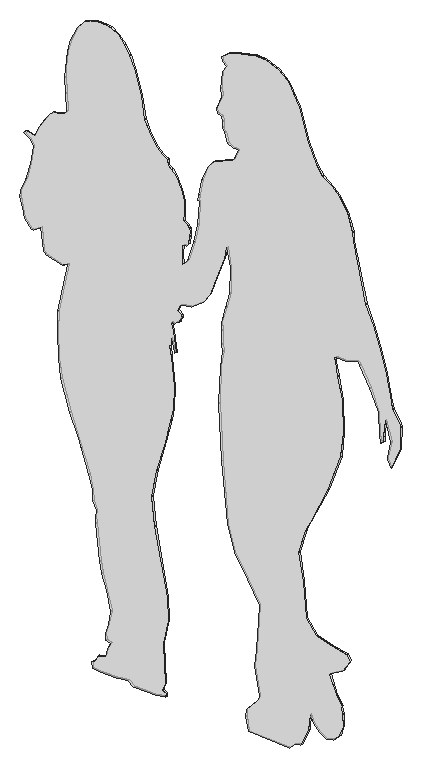
Revit family "Flat Ladies 01", category Entourage, Revit 2015
Parameters
  Flat Material [instance] = none
  Height = 0 mm
Reference planes
  plane 1 "Center (Front/Back)": y = 0
  plane 2: z = 0
  plane 3 "Center (Left/Right)": x = 0
Forms (mm)
  Extrusion 1, solid, material <- "Flat Material"
    sketch origin (0, 0, 0) x (1, 0, 0) y (0, 0, 1)
      loop
        line (-363.696, 1005.287) -> (-392.645, 876.589) -> (-393.047, 826.618) -> (-391.675, 758.135) -> (-383.94, 710.913) -> (-358.694, 632.391) -> (-334.451, 574.15) -> (-304.283, 493.704) -> (-297.586, 468.283) -> (-294.516, 456.623) -> (-293.392, 431.248) -> (-282.905, 410.284) -> (-286.43, 394.911) -> (-284.242, 377.005) -> (-274.012, 284.952) -> (-268.344, 256.012) -> (-255.609, 217.897) -> (-242.926, 167.784) -> (-249.992, 133.904) -> (-258.448, 108.494) -> (-256.329, 90.849) -> (-242.214, 87.664) -> (-251.75, 71.785) -> (-257.222, 50.461) -> (-277.15, 44.533) -> (-289.027, 26.035) -> (-296.008, 23.994) -> (-294.756, 6.437) -> (-271.92, 3.578) -> (-225.346, 4.396) -> (-200.4, 9.703) -> (-194.278, 10.929) -> (-176.887, 0) -> (-116.156, 0) -> (-87.274, 5.621) -> (-85.619, 16.235) -> (-94.605, 20.319) -> (-93.8, 26.239) -> (-88.483, 41.319) -> (-94.486, 138.763) -> (-80.062, 203.569) -> (-82.394, 261.082) -> (-117.408, 429.222) -> (-126.627, 500.793) -> (-111.919, 572.065) -> (-87.325, 652.533) -> (-72.516, 712.648) -> (-65.338, 744.286) -> (-61.839, 801.651) -> (-71.109, 872.557) -> (-74.916, 902.143) -> (-70.303, 902.828) -> (-70.303, 920.979) -> (-64.806, 901.8) -> (-63.091, 885.704) -> (-57.294, 889.471) -> (-65.158, 940.5) -> (-71.666, 960.749) -> (-62.611, 960.428) -> (-56.908, 966.633) -> (-46.815, 969.734) -> (-45.795, 980.593) -> (-40.632, 982.66) -> (-41.112, 991.449) -> (-52.27, 997.911) -> (-45.914, 1013.01) -> (-15.266, 1020.142) -> (19.121, 1044.96) -> (39.556, 1072.361) -> (56.484, 1117.401) -> (78.712, 1176.701) -> (86.129, 1207.571) -> (96.249, 1158.991) -> (94.207, 1093.561) -> (82.733, 1053.082) -> (71.029, 1011.711) -> (71.474, 990.906) -> (72.229, 957.235) -> (74.51, 940.115) -> (68.37, 898.382) -> (63.473, 803.339) -> (71.234, 660.791) -> (87.887, 504.234) -> (106.531, 442.209) -> (143.765, 385.351) -> (178.324, 332.586) -> (169.259, 216.888) -> (164.063, 171.303) -> (175.091, 117.306) -> (178.392, 100.973) -> (171.746, 89.579) -> (140.764, 56.091) -> (139.949, 37.674) -> (146.646, 0) -> (262.217, 0) -> (279.805, 15.07) -> (294.881, 17.582) -> (318.344, 64.465) -> (321.662, 106.323) -> (330.366, 85.642) -> (347.834, 68.792) -> (368.261, 60.043) -> (389.03, 64.255) -> (405.59, 80.782) -> (415.263, 107.677) -> (414.636, 139.433) -> (409.903, 155.815) -> (413.076, 158.852) -> (395.779, 181.282) -> (377.651, 227.875) -> (413.908, 247.717) -> (435.492, 281.366) -> (426.034, 295.172) -> (382.874, 301.21) -> (338.821, 313.29) -> (311.706, 345.993) -> (302.564, 435.806) -> (289.659, 506.556) -> (308.971, 567.911) -> (321.662, 593.019) -> (372.197, 692.619) -> (408.094, 789.141) -> (414.885, 852.348) -> (413.231, 934.349) -> (400.29, 991.011) -> (392.349, 1024.611) -> (391.312, 1035.172) -> (421.472, 1035.591) -> (457.282, 1046.591) -> (461.982, 1039.371) -> (491.06, 992.605) -> (515.157, 938.507) -> (518.133, 883.316) -> (521.615, 863.674) -> (529.728, 868.17) -> (529.728, 882.458) -> (535.104, 925.617) -> (550.42, 876.993) -> (539.958, 834.194) -> (539.958, 825.861) -> (545.506, 821.358) -> (545.506, 815.403) -> (552.195, 810.434) -> (576.532, 868.689) -> (578.899, 923.201) -> (576.532, 931.187) -> (555.994, 961.874) -> (552.195, 979.326) -> (538.045, 1044.401) -> (523.614, 1091.261) -> (500.948, 1154.772) -> (478.832, 1200.59) -> (443.836, 1348.452) -> (442.121, 1371.092) -> (427.595, 1415.522) -> (404.098, 1448.841) -> (385.06, 1465.78) -> (357.893, 1482.302) -> (338.959, 1505.88) -> (315.831, 1554.352) -> (290.482, 1632.952) -> (259.756, 1687.962) -> (231.886, 1710.112) -> (195.312, 1722.53) -> (168.085, 1722.53) -> (123.415, 1712.801) -> (89.526, 1699.371) -> (71.741, 1686.611) -> (73.078, 1674.191) -> (83.832, 1665.331) -> (72.563, 1648.441) -> (69.734, 1623.661) -> (68.55, 1604.28) -> (72.161, 1586.222) -> (65.36, 1569.971) -> (56.775, 1548.302) -> (58.611, 1537.472) -> (71.242, 1534.311) -> (74.253, 1523.481) -> (74.253, 1508.001) -> (76.834, 1501.141) -> (80.221, 1496.342) -> (89.346, 1472.41) -> (104.703, 1465.45) -> (118.802, 1465.591) -> (105.63, 1436.901) -> (48.741, 1411.72) -> (31.135, 1390.692) -> (14.842, 1352.051) -> (6.67, 1311.26) -> (3.634, 1296.162) -> (7.467, 1295.832) -> (3.291, 1237.532) -> (-7.583, 1186.241) -> (-24.887, 1134.51) -> (-38.985, 1121.012) -> (-39.963, 1143.581) -> (-38.163, 1168.901) -> (-28.515, 1170.591) -> (-22.109, 1176.762) -> (-18.979, 1197.21) -> (-17.342, 1210.1) -> (-18.465, 1219.061) -> (-26.002, 1226.631) -> (-35.281, 1231.67) -> (-34.758, 1251.532) -> (-34.44, 1282.85) -> (-42.416, 1307.97) -> (-57.5, 1336.441) -> (-69.669, 1350.681) -> (-80.165, 1356.861) -> (-81.34, 1371.031) -> (-93.405, 1376.661) -> (-113.798, 1394.161) -> (-133.898, 1423.41) -> (-145.681, 1451.351) -> (-156.657, 1504.24) -> (-166.785, 1544.481) -> (-175.138, 1569.45) -> (-188.952, 1597.712) -> (-203.042, 1619.02) -> (-221.418, 1637.892) -> (-242.18, 1648.642) -> (-258.585, 1652.231) -> (-280.829, 1650.44) -> (-299.147, 1646.351) -> (-317.55, 1637.751) -> (-337.059, 1617.121) -> (-356.01, 1580.32) -> (-364.946, 1546.871) -> (-370.511, 1500.601) -> (-372.277, 1478.21) -> (-370.014, 1438.03) -> (-366.464, 1394.451) -> (-369.962, 1388.231) -> (-387.465, 1381.611) -> (-403.972, 1378.78) -> (-417.187, 1367.922) -> (-428.06, 1352.331) -> (-447.656, 1324.27) -> (-458.786, 1298.491) -> (-470.629, 1301.882) -> (-480.525, 1303.591) -> (-487.394, 1300.591) -> (-488.946, 1296.23) -> (-480.773, 1291.971) -> (-472.961, 1287.361) -> (-460.904, 1272.81) -> (-470.655, 1224.331) -> (-483.2, 1180.012) -> (-498.997, 1145.611) -> (-500.403, 1130.201) -> (-492.171, 1104.401) -> (-490.344, 1090.071) -> (-487.84, 1078.602) -> (-467.044, 1059.252) -> (-460.999, 1058.54) -> (-443.745, 1068.932) -> (-440.384, 1073.051) -> (-432.94, 1014.912) -> (-425.3, 1006.87) -> (-378.195, 997.219) -> (-363.696, 1005.287)
    from -2.5 to 2.5
Lines and regions (mm)
  model lines
    curve 1: line (-150, 0, 0) -> (150, 0, 0)
    curve 2: line (0, -150, 0) -> (0, 150, 0)
Dimensions and locks
  aligned and locked: level to plane 2
